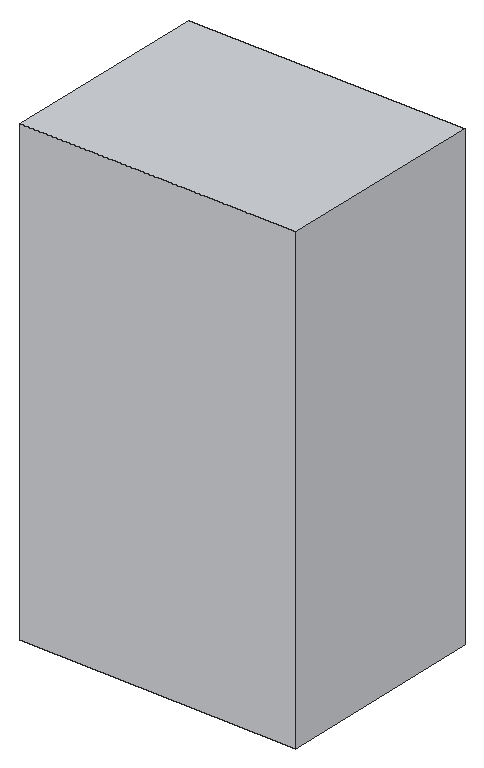
Revit family
Parameters
  Warranty Duration (Years) = 0
  URL = "http://www.americanspecialties.com/viewCategories.cfm"
  Grab Bar Length [instance] = 1' - 0"
  Body Material = Metal - Stainless Steel w/Satin
  Test Data = ""
  Specification = "http://www.arcat.com/sdspecs/htm/10810asi.htm"
  SpecWizard = ""
  Send Message = "http://www.arcat.com/users.pl?action=UserEmail&company=American%20Specialties,%20Inc.&coid=30448&rep=139&fax=914-476-0688&mf="
  Sales Information = "http://www.americanspecialties.com/contact"
  Revision = "R1_10-2010"
  Product Properties = "http://www.americanspecialties.com/datasheets/35001.pdf"
  Product Data = "http://www.arcat.com/arcatcos/cos30/arc30448.html"
  Model = "As Specified in 10 28 13"
  Manufacturer Website = "http://www.americanspecialties.com/viewCategories.cfm"
  Manufacturer Phone - Toll Free = ""
  Manufacturer Phone = "914-476-9000 "
  Manufacturer Fax = "914-476-0688"
  Manufacturer Address = "441 Saw Mill River Rd., Yonkers, NY 10701"
  Manufacturer = "American Specialties, Inc."
  Maintenance Schedule (Months) = 0
  Keynote = "10 28 13"
  Installation-Fabrication = "http://www.americanspecialties.com/products.cfm"
  Green Building-LEED = ""
  Expected Lifespan (Years) = 0
  Trim Material = Metal - Stainless Steel w/Satin
  Drawn By = "Robert S. Weygant. CSI, CDT, SCIP"  # constant formula
  Description = "Toilet Accessory as Specified in 10 28 13"
  Default Elevation = 4' - 0"
  Copyright = "©Arcat Inc."
  Construction Details = "http://www.arcat.com/green/clients/leed_data_30448.html"
  Building Codes = "http://www.americanspecialties.com/products.cfm"
  Assembly Code = "C1030210"
Reference planes (in)
  plane 1 "Center (Front/Back)": y = -0.29112
  plane 2 "Floor Line": z = 0
  plane 3 "Center (Left/Right)": x = -0.65843
  plane 4: x = -6.65843
  plane 5: x = 5.34157
  plane 6: z = 0.125
Forms (in)
  Extrusion 1, solid
    sketch origin (-3.65843, -8.79112, -6) x (0, 0, -1) y (1, 0, 0)
      loop
        line (-82, 26) -> (-82, -19.34712) -> (-6, -19.34712) -> (-6, 26) -> (-82, 26)
    from 9 to -25.60721
  Sweep 2, solid, material "Metal - Stainless Steel w/Satin" <- "Body Material"
    path origin (0, -0.29112, 0) x (1, 0, 0) y (0, 0, 1)
      loop
        arc (-6.66189, 0) -> (-6.00288, 1.59099) -> (-4.41189, 2.25) r 2.25
        line (-4.41189, 2.25) -> (3.09503, 2.25)
        arc (3.09503, 2.25) -> (4.68602, 1.59099) -> (5.34503, 0) r 2.25
    profile origin (-0.65843, -0.29112, 2.25) x (0, 0, 1) y (0, -1, 0)
      loop
        circle (0, 0) r 0.75
  Extrusion 3, solid, material "Metal - Stainless Steel w/Satin" <- "Body Material"
    sketch origin (0, 0, 0) x (1, 0, 0) y (0, 1, 0)
      loop
        circle (-6.65843, -0.29112) r 1.5
    from 0 to 0.125
  Extrusion 4, solid, material "Metal - Stainless Steel w/Satin" <- "Body Material"
    sketch origin (-1.31687, 0, 0) x (-1, 0, 0) y (0, -1, 0)
      loop
        circle (-6.65843, 0.29112) r 1.5
    from 0 to 0.125
  Extrusion 5, void
    sketch origin (0, 0, 0) x (1, 0, 0) y (0, 1, 0)
      loop
        circle (-6.09893, -1.26713) r 0.125
      loop
        circle (-6.09294, 0.68143) r 0.125
      loop
        circle (-7.78343, -0.28766) r 0.125
    from 0 to 0.125
  Extrusion 6, void
    sketch origin (-1.31687, 0, 0) x (-1, 0, 0) y (0, -1, 0)
      loop
        circle (-6.09893, 1.26713) r 0.125
      loop
        circle (-6.09294, -0.68143) r 0.125
      loop
        circle (-7.78343, 0.28766) r 0.125
    from 0 to 0.125
Cuts and joins
  Extrusion 5, Extrusion 6 cuts Sweep 2
  Extrusion 5, Extrusion 6 cuts Extrusion 3
  Extrusion 6 cuts Extrusion 4
Dimensions and locks (in)
  equal spacing: plane 4, plane 3 "Center (Left/Right)", plane 5
  "Grab Bar Length": plane 4 to plane 5
  aligned and locked: plane 6 to Extrusion 3
  aligned and locked: plane 6 to Extrusion 4
  aligned and locked: Extrusion 4 to Extrusion 5
Automatic sketch dimensions
  Extrusion 1 sketch curve to Extrusion 1 sketch curve = 6' - 4"
  Extrusion 1 sketch curve to Extrusion 1 sketch curve = 3' - 9.34712"
  Sweep 2 sketch curve to level = 0' - 0"  (x2)
  Sweep 2 sketch curve to plane 4 = 0' - 0.00346"
  plane 4 to Sweep 2 sketch curve = 0' - 2.24654"
  Sweep 2 sketch curve to plane 5 = 0' - 2.24654"
  Sweep 2 sketch curve to plane 1 "Center (Front/Back)" = 0' - 0"
  Sweep 2 sketch curve to profile plane = 0' - 0"
  Extrusion 3 sketch curve to plane 1 "Center (Front/Back)" = 0' - 0"
  Extrusion 3 sketch curve to plane 4 = 0' - 0"
  Extrusion 4 sketch curve to plane 1 "Center (Front/Back)" = 0' - 0"
  Extrusion 4 sketch curve to plane 5 = 0' - 0"
  Extrusion 5 sketch curve to plane 1 "Center (Front/Back)" = 0' - 0.00346"
  Extrusion 5 sketch curve to plane 4 = 0' - 1 1/8"
  plane 4 to Extrusion 5 sketch curve = 0' - 0.5595"
  plane 4 to Extrusion 5 sketch curve = 0' - 0.5655"
  plane 1 "Center (Front/Back)" to Extrusion 5 sketch curve = 0' - 0.97601"
  Extrusion 5 sketch curve to plane 1 "Center (Front/Back)" = 0' - 0.97255"
  plane 1 "Center (Front/Back)" to Extrusion 6 sketch curve = 0' - 0.00346"
  Extrusion 6 sketch curve to plane 5 = 0' - 1 1/8"
  plane 5 to Extrusion 6 sketch curve = 0' - 0.5595"
  plane 5 to Extrusion 6 sketch curve = 0' - 0.5655"
  Extrusion 6 sketch curve to plane 1 "Center (Front/Back)" = 0' - 0.97601"
  plane 1 "Center (Front/Back)" to Extrusion 6 sketch curve = 0' - 0.97255"
  radius of Sweep 2 sketch curve = 0' - 0 3/4"
  radius of Extrusion 3 sketch curve = 0' - 1 1/2"
  radius of Extrusion 4 sketch curve = 0' - 1 1/2"
  radius of Extrusion 5 sketch curve = 0' - 0 1/8"  (x3)
  radius of Extrusion 6 sketch curve = 0' - 0 1/8"  (x3)
